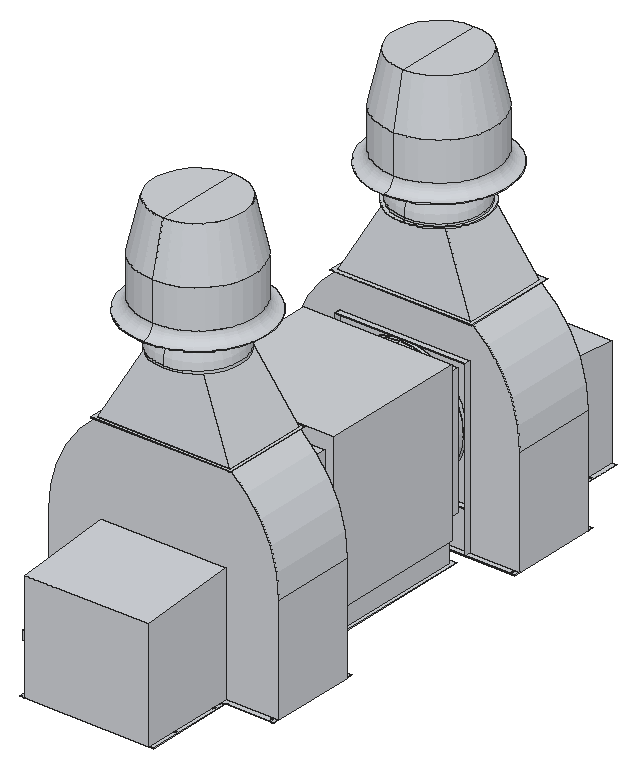
Revit family "CAVP_Opposed_with_Mixing_Box", category Mechanical Equipment, Revit 2019 (continued)
Types (228): name | TRANSITION/2 | TRANSITION | RO/2 | R-((B/2)+1.5") | R+((B/2)+1.5") | R*1.1 | R | OPP | MB_P-4.5" | MB_P+.25" | P | NOZZLE_WB_RAD-2" | NOZZLE_WB_RAD | NOZZLE_WB_OD | NOZZLE_WB/4 | NOZZLE_TOP_RAD | NOZZLE_TOP_OD | NOZZLE_SIZE | NOZZLE_HEIGHT/7*2 | NOZZLE_HEIGHT | NOZZLE_BOTTOM_RAD-3*2 | NOZZLE_BOTTOM_RAD | NOZZLE_BOTTOM_ID | MB_N-(D-J-K-L) | N+(H/2) | N | MB_Q | MB_P | MB_N | MB_HEIGHT/2 | MB_HEIGHT | MB_F | MB_A-D-MB_N-(D-J-K-L) | MB_A | M-(2*(D-L-K-J)) | M | L | K | J+K+L | J | HEIGHT | H/2 | H | F/2 | MB_F-3" | F | E/52*15 | E/2 | E | D-M | D-L-K-J | D | CURB_HEIGHT | CLASS | C/2 | C | B/4 | B/2 | B | A/2 | A | Type Comments | -MB_P-.25" | -(F-((F-H)/2))/2 | -((MB_Q / 2) + 1/8") | (NOZZLE_WB_OD - NOZZLE_TOP_OD) / 4 | (NOZZLE_HEIGHT - (NOZZLE_HEIGHT / 8 * 2)) / 2 | (MB_Q/2)+.125" | (MB_P/2)+.125" | (M - (2 * (D - L - K - J)))/2 | (F-((F-H)/2))/2 | (D-J-K-L)*2 | (B/2)-.125" | (B/2)+1.5" | ((M - (2 * (D - L - K - J))) / 2) + (TRANSITION / 2)
  165_CAVP-12L_CLASS_1_Dual_Opposed_Mixing_Box | 6.0325" | 12.06501" | 13 3/4" | 12 5/32" | 36 11/32" | 26.675" | 24 1/4" | 133 1/2" | 27 1/2" | 32 1/4" | 60" | 12" | 14" | 28" | 5.6" | 9 3/4" | 19 1/2" | 12" | 8" | 32" | 2 17/32" | 8 17/32" | 17 1/16" | 13 5/32" | 72 1/16" | 60" | 32" | 32" | 14 3/16" | 18 1/2" | 37" | 8 7/8" | 46 5/32" | 99" | 12 13/16" | 14 7/8" | 16 27/32" | 12 1/4" | 36 19/32" | 7 1/2" | 39.9712" | 12 1/16" | 24 1/8" | 13 1/16" | 5 7/8" | 26 1/8" | 10.38462" | 18" | 36" | 22 3/4" | 1 1/32" | 37 5/8" | 12" | 1" | 25 13/32" | 50 13/16" | 5 19/64" | 10 19/32" | 21 3/16" | 41 1/32" | 82 1/16" | "Dual Vari-Plume Laboratory Exhaust Centrifugal Airfoil Class 1 Arr 10 With Opposed Mixing Box" | -32 1/4" | -11 1/16" | -16 1/8" | 2 1/8" | 12" | 16 1/8" | 16 1/8" | 6 13/32" | 11 1/16" | 2 1/16" | 10 15/32" | 12 3/32" | 12.43875"
  165_CAVP-12H_CLASS_1_Dual_Opposed_Mixing_Box | 6.0325" | 12.06501" | 13 3/4" | 12 5/32" | 36 11/32" | 26.675" | 24 1/4" | 133 1/2" | 27 1/2" | 32 1/4" | 60" | 12" | 14" | 28" | 5.6" | 9 3/4" | 19 1/2" | 12" | 8" | 32" | 2 17/32" | 8 17/32" | 17 1/16" | 13 5/32" | 72 1/16" | 60" | 32" | 32" | 14 3/16" | 18 1/2" | 37" | 8 7/8" | 46 5/32" | 99" | 12 13/16" | 14 7/8" | 16 27/32" | 12 1/4" | 36 19/32" | 7 1/2" | 39.9712" | 12 1/16" | 24 1/8" | 13 1/16" | 5 7/8" | 26 1/8" | 10.38462" | 18" | 36" | 22 3/4" | 1 1/32" | 37 5/8" | 12" | 1" | 25 13/32" | 50 13/16" | 5 19/64" | 10 19/32" | 21 3/16" | 41 1/32" | 82 1/16" | "Dual Vari-Plume Laboratory Exhaust Centrifugal Airfoil Class 1 Arr 10 With Opposed Mixing Box" | -32 1/4" | -11 1/16" | -16 1/8" | 2 1/8" | 12" | 16 1/8" | 16 1/8" | 6 13/32" | 11 1/16" | 2 1/16" | 10 15/32" | 12 3/32" | 12.43875"
  165_CAVP-9L_CLASS_2_Dual_Opposed_Mixing_Box | 4.5299" | 9.05981" | 13 3/4" | 12 5/32" | 36 11/32" | 26.675" | 24 1/4" | 147 1/4" | 27 1/2" | 32 1/4" | 60" | 9 1/2" | 11 1/2" | 23" | 4.6" | 6 3/4" | 13 1/2" | 9" | 7" | 28" | 13/32" | 6 13/32" | 12 13/16" | 13 5/32" | 72 1/16" | 60" | 32" | 32" | 14 3/16" | 18 1/2" | 37" | 8 7/8" | 46 5/32" | 105 7/8" | 12 13/16" | 14 7/8" | 16 27/32" | 19 3/8" | 43 15/32" | 7 1/4" | 39.9712" | 12 1/16" | 24 1/8" | 13 1/16" | 5 7/8" | 26 1/8" | 10.38462" | 18" | 36" | 29 5/8" | 1 1/32" | 44 1/2" | 12" | 2" | 25 13/32" | 50 13/16" | 5 19/64" | 10 19/32" | 21 3/16" | 41 1/32" | 82 1/16" | "Dual Vari-Plume Laboratory Exhaust Centrifugal Airfoil Class 2 Arr 10 With Opposed Mixing Box" | -32 1/4" | -11 1/16" | -16 1/8" | 2 3/8" | 10 1/2" | 16 1/8" | 16 1/8" | 6 13/32" | 11 1/16" | 2 1/16" | 10 15/32" | 12 3/32" | 10.93615"
  165_CAVP-9H_CLASS_2_Dual_Opposed_Mixing_Box | 4.5299" | 9.05981" | 13 3/4" | 12 5/32" | 36 11/32" | 26.675" | 24 1/4" | 147 1/4" | 27 1/2" | 32 1/4" | 60" | 9 1/2" | 11 1/2" | 23" | 4.6" | 6 3/4" | 13 1/2" | 9" | 7" | 28" | 13/32" | 6 13/32" | 12 13/16" | 13 5/32" | 72 1/16" | 60" | 32" | 32" | 14 3/16" | 18 1/2" | 37" | 8 7/8" | 46 5/32" | 105 7/8" | 12 13/16" | 14 7/8" | 16 27/32" | 19 3/8" | 43 15/32" | 7 1/4" | 39.9712" | 12 1/16" | 24 1/8" | 13 1/16" | 5 7/8" | 26 1/8" | 10.38462" | 18" | 36" | 29 5/8" | 1 1/32" | 44 1/2" | 12" | 2" | 25 13/32" | 50 13/16" | 5 19/64" | 10 19/32" | 21 3/16" | 41 1/32" | 82 1/16" | "Dual Vari-Plume Laboratory Exhaust Centrifugal Airfoil Class 2 Arr 10 With Opposed Mixing Box" | -32 1/4" | -11 1/16" | -16 1/8" | 2 3/8" | 10 1/2" | 16 1/8" | 16 1/8" | 6 13/32" | 11 1/16" | 2 1/16" | 10 15/32" | 12 3/32" | 10.93615"
  165_CAVP-12L_CLASS_2_Dual_Opposed_Mixing_Box | 6.0325" | 12.06501" | 13 3/4" | 12 5/32" | 36 11/32" | 26.675" | 24 1/4" | 147 1/4" | 27 1/2" | 32 1/4" | 60" | 12" | 14" | 28" | 5.6" | 9 3/4" | 19 1/2" | 12" | 8" | 32" | 2 17/32" | 8 17/32" | 17 1/16" | 13 5/32" | 72 1/16" | 60" | 32" | 32" | 14 3/16" | 18 1/2" | 37" | 8 7/8" | 46 5/32" | 105 7/8" | 12 13/16" | 14 7/8" | 16 27/32" | 19 3/8" | 43 15/32" | 7 1/4" | 39.9712" | 12 1/16" | 24 1/8" | 13 1/16" | 5 7/8" | 26 1/8" | 10.38462" | 18" | 36" | 29 5/8" | 1 1/32" | 44 1/2" | 12" | 2" | 25 13/32" | 50 13/16" | 5 19/64" | 10 19/32" | 21 3/16" | 41 1/32" | 82 1/16" | "Dual Vari-Plume Laboratory Exhaust Centrifugal Airfoil Class 2 Arr 10 With Opposed Mixing Box" | -32 1/4" | -11 1/16" | -16 1/8" | 2 1/8" | 12" | 16 1/8" | 16 1/8" | 6 13/32" | 11 1/16" | 2 1/16" | 10 15/32" | 12 3/32" | 12.43875"
  165_CAVP-12H_CLASS_2_Dual_Opposed_Mixing_Box | 6.0325" | 12.06501" | 13 3/4" | 12 5/32" | 36 11/32" | 26.675" | 24 1/4" | 147 1/4" | 27 1/2" | 32 1/4" | 60" | 12" | 14" | 28" | 5.6" | 9 3/4" | 19 1/2" | 12" | 8" | 32" | 2 17/32" | 8 17/32" | 17 1/16" | 13 5/32" | 72 1/16" | 60" | 32" | 32" | 14 3/16" | 18 1/2" | 37" | 8 7/8" | 46 5/32" | 105 7/8" | 12 13/16" | 14 7/8" | 16 27/32" | 19 3/8" | 43 15/32" | 7 1/4" | 39.9712" | 12 1/16" | 24 1/8" | 13 1/16" | 5 7/8" | 26 1/8" | 10.38462" | 18" | 36" | 29 5/8" | 1 1/32" | 44 1/2" | 12" | 2" | 25 13/32" | 50 13/16" | 5 19/64" | 10 19/32" | 21 3/16" | 41 1/32" | 82 1/16" | "Dual Vari-Plume Laboratory Exhaust Centrifugal Airfoil Class 2 Arr 10 With Opposed Mixing Box" | -32 1/4" | -11 1/16" | -16 1/8" | 2 1/8" | 12" | 16 1/8" | 16 1/8" | 6 13/32" | 11 1/16" | 2 1/16" | 10 15/32" | 12 3/32" | 12.43875"
  180_CAVP-9H_CLASS_1_Dual_Opposed_Mixing_Box | 4.5299" | 9.05981" | 14 3/4" | 11 13/32" | 37 3/32" | 26.675" | 24 1/4" | 144 1/2" | 29 1/2" | 34 1/4" | 60" | 9 1/2" | 11 1/2" | 23" | 4.6" | 6 3/4" | 13 1/2" | 9" | 7" | 28" | 13/32" | 6 13/32" | 12 13/16" | 13 5/32" | 72 1/16" | 60" | 34" | 34" | 14 3/16" | 19 1/4" | 38 1/2" | 8 1/8" | 49 9/32" | 106 5/8" | 13 15/16" | 16" | 17 31/32" | 15 1/8" | 41 3/32" | 8" | 41 79/256" | 12 1/16" | 24 1/8" | 13 1/16" | 5 1/8" | 26 1/8" | 11.26803" | 19 17/32" | 39 1/16" | 26 1/8" | 1 1/32" | 42 1/8" | 12" | 1" | 26 13/32" | 52 13/16" | 5 43/64" | 11 11/32" | 22 11/16" | 42 1/32" | 84 1/16" | "Dual Vari-Plume Laboratory Exhaust Centrifugal Airfoil Class 1 Arr 10 With Opposed Mixing Box" | -34 1/4" | -11 1/16" | -17 1/8" | 2 3/8" | 10 1/2" | 17 1/8" | 17 1/8" | 6 31/32" | 11 1/16" | 2 1/16" | 11 7/32" | 12 27/32" | 11.49865"
  180_CAVP-9L_CLASS_1_Dual_Opposed_Mixing_Box | 4.5299" | 9.05981" | 14 3/4" | 11 13/32" | 37 3/32" | 26.675" | 24 1/4" | 144 1/2" | 29 1/2" | 34 1/4" | 60" | 9 1/2" | 11 1/2" | 23" | 4.6" | 6 3/4" | 13 1/2" | 9" | 7" | 28" | 13/32" | 6 13/32" | 12 13/16" | 13 5/32" | 72 1/16" | 60" | 34" | 34" | 14 3/16" | 19 1/4" | 38 1/2" | 8 1/8" | 49 9/32" | 106 5/8" | 13 15/16" | 16" | 17 31/32" | 15 1/8" | 41 3/32" | 8" | 41 79/256" | 12 1/16" | 24 1/8" | 13 1/16" | 5 1/8" | 26 1/8" | 11.26803" | 19 17/32" | 39 1/16" | 26 1/8" | 1 1/32" | 42 1/8" | 12" | 1" | 26 13/32" | 52 13/16" | 5 43/64" | 11 11/32" | 22 11/16" | 42 1/32" | 84 1/16" | "Dual Vari-Plume Laboratory Exhaust Centrifugal Airfoil Class 1 Arr 10 With Opposed Mixing Box" | -34 1/4" | -11 1/16" | -17 1/8" | 2 3/8" | 10 1/2" | 17 1/8" | 17 1/8" | 6 31/32" | 11 1/16" | 2 1/16" | 11 7/32" | 12 27/32" | 11.49865"
  180_CAVP-12H_CLASS_1_Dual_Opposed_Mixing_Box | 6.0325" | 12.06501" | 14 3/4" | 11 13/32" | 37 3/32" | 26.675" | 24 1/4" | 144 1/2" | 29 1/2" | 34 1/4" | 60" | 12" | 14" | 28" | 5.6" | 9 3/4" | 19 1/2" | 12" | 8" | 32" | 2 17/32" | 8 17/32" | 17 1/16" | 13 5/32" | 72 1/16" | 60" | 34" | 34" | 14 3/16" | 19 1/4" | 38 1/2" | 8 1/8" | 49 9/32" | 106 5/8" | 13 15/16" | 16" | 17 31/32" | 15 1/8" | 41 3/32" | 8" | 41 79/256" | 12 1/16" | 24 1/8" | 13 1/16" | 5 1/8" | 26 1/8" | 11.26803" | 19 17/32" | 39 1/16" | 26 1/8" | 1 1/32" | 42 1/8" | 12" | 1" | 26 13/32" | 52 13/16" | 5 43/64" | 11 11/32" | 22 11/16" | 42 1/32" | 84 1/16" | "Dual Vari-Plume Laboratory Exhaust Centrifugal Airfoil Class 1 Arr 10 With Opposed Mixing Box" | -34 1/4" | -11 1/16" | -17 1/8" | 2 1/8" | 12" | 17 1/8" | 17 1/8" | 6 31/32" | 11 1/16" | 2 1/16" | 11 7/32" | 12 27/32" | 13.00125"
  180_CAVP-12L_CLASS_1_Dual_Opposed_Mixing_Box | 6.0325" | 12.06501" | 14 3/4" | 11 13/32" | 37 3/32" | 26.675" | 24 1/4" | 144 1/2" | 29 1/2" | 34 1/4" | 60" | 12" | 14" | 28" | 5.6" | 9 3/4" | 19 1/2" | 12" | 8" | 32" | 2 17/32" | 8 17/32" | 17 1/16" | 13 5/32" | 72 1/16" | 60" | 34" | 34" | 14 3/16" | 19 1/4" | 38 1/2" | 8 1/8" | 49 9/32" | 106 5/8" | 13 15/16" | 16" | 17 31/32" | 15 1/8" | 41 3/32" | 8" | 41 79/256" | 12 1/16" | 24 1/8" | 13 1/16" | 5 1/8" | 26 1/8" | 11.26803" | 19 17/32" | 39 1/16" | 26 1/8" | 1 1/32" | 42 1/8" | 12" | 1" | 26 13/32" | 52 13/16" | 5 43/64" | 11 11/32" | 22 11/16" | 42 1/32" | 84 1/16" | "Dual Vari-Plume Laboratory Exhaust Centrifugal Airfoil Class 1 Arr 10 With Opposed Mixing Box" | -34 1/4" | -11 1/16" | -17 1/8" | 2 1/8" | 12" | 17 1/8" | 17 1/8" | 6 31/32" | 11 1/16" | 2 1/16" | 11 7/32" | 12 27/32" | 13.00125"
  180_CAVP-9H_CLASS_2_Dual_Opposed_Mixing_Box | 4.5299" | 9.05981" | 14 3/4" | 11 13/32" | 37 3/32" | 26.675" | 24 1/4" | 152 1/2" | 29 1/2" | 34 1/4" | 60" | 9 1/2" | 11 1/2" | 23" | 4.6" | 6 3/4" | 13 1/2" | 9" | 7" | 28" | 13/32" | 6 13/32" | 12 13/16" | 13 5/32" | 72 1/16" | 60" | 34" | 34" | 14 3/16" | 19 1/4" | 38 1/2" | 8 1/8" | 49 9/32" | 110 5/8" | 13 15/16" | 16" | 17 31/32" | 19 3/8" | 45 3/32" | 7 3/4" | 41 79/256" | 12 1/16" | 24 1/8" | 13 1/16" | 5 1/8" | 26 1/8" | 11.26803" | 19 17/32" | 39 1/16" | 30 1/8" | 1 1/32" | 46 1/8" | 12" | 2" | 26 13/32" | 52 13/16" | 5 43/64" | 11 11/32" | 22 11/16" | 42 1/32" | 84 1/16" | "Dual Vari-Plume Laboratory Exhaust Centrifugal Airfoil Class 2 Arr 10 With Opposed Mixing Box" | -34 1/4" | -11 1/16" | -17 1/8" | 2 3/8" | 10 1/2" | 17 1/8" | 17 1/8" | 6 31/32" | 11 1/16" | 2 1/16" | 11 7/32" | 12 27/32" | 11.49865"
  180_CAVP-9L_CLASS_2_Dual_Opposed_Mixing_Box | 4.5299" | 9.05981" | 14 3/4" | 11 13/32" | 37 3/32" | 26.675" | 24 1/4" | 152 1/2" | 29 1/2" | 34 1/4" | 60" | 9 1/2" | 11 1/2" | 23" | 4.6" | 6 3/4" | 13 1/2" | 9" | 7" | 28" | 13/32" | 6 13/32" | 12 13/16" | 13 5/32" | 72 1/16" | 60" | 34" | 34" | 14 3/16" | 19 1/4" | 38 1/2" | 8 1/8" | 49 9/32" | 110 5/8" | 13 15/16" | 16" | 17 31/32" | 19 3/8" | 45 3/32" | 7 3/4" | 41 79/256" | 12 1/16" | 24 1/8" | 13 1/16" | 5 1/8" | 26 1/8" | 11.26803" | 19 17/32" | 39 1/16" | 30 1/8" | 1 1/32" | 46 1/8" | 12" | 2" | 26 13/32" | 52 13/16" | 5 43/64" | 11 11/32" | 22 11/16" | 42 1/32" | 84 1/16" | "Dual Vari-Plume Laboratory Exhaust Centrifugal Airfoil Class 2 Arr 10 With Opposed Mixing Box" | -34 1/4" | -11 1/16" | -17 1/8" | 2 3/8" | 10 1/2" | 17 1/8" | 17 1/8" | 6 31/32" | 11 1/16" | 2 1/16" | 11 7/32" | 12 27/32" | 11.49865"
  180_CAVP-12H_CLASS_2_Dual_Opposed_Mixing_Box | 6.0325" | 12.06501" | 14 3/4" | 11 13/32" | 37 3/32" | 26.675" | 24 1/4" | 152 1/2" | 29 1/2" | 34 1/4" | 60" | 12" | 14" | 28" | 5.6" | 9 3/4" | 19 1/2" | 12" | 8" | 32" | 2 17/32" | 8 17/32" | 17 1/16" | 13 5/32" | 72 1/16" | 60" | 34" | 34" | 14 3/16" | 19 1/4" | 38 1/2" | 8 1/8" | 49 9/32" | 110 5/8" | 13 15/16" | 16" | 17 31/32" | 19 3/8" | 45 3/32" | 7 3/4" | 41 79/256" | 12 1/16" | 24 1/8" | 13 1/16" | 5 1/8" | 26 1/8" | 11.26803" | 19 17/32" | 39 1/16" | 30 1/8" | 1 1/32" | 46 1/8" | 12" | 2" | 26 13/32" | 52 13/16" | 5 43/64" | 11 11/32" | 22 11/16" | 42 1/32" | 84 1/16" | "Dual Vari-Plume Laboratory Exhaust Centrifugal Airfoil Class 2 Arr 10 With Opposed Mixing Box" | -34 1/4" | -11 1/16" | -17 1/8" | 2 1/8" | 12" | 17 1/8" | 17 1/8" | 6 31/32" | 11 1/16" | 2 1/16" | 11 7/32" | 12 27/32" | 13.00125"
  180_CAVP-12L_CLASS_2_Dual_Opposed_Mixing_Box | 6.0325" | 12.06501" | 14 3/4" | 11 13/32" | 37 3/32" | 26.675" | 24 1/4" | 152 1/2" | 29 1/2" | 34 1/4" | 60" | 12" | 14" | 28" | 5.6" | 9 3/4" | 19 1/2" | 12" | 8" | 32" | 2 17/32" | 8 17/32" | 17 1/16" | 13 5/32" | 72 1/16" | 60" | 34" | 34" | 14 3/16" | 19 1/4" | 38 1/2" | 8 1/8" | 49 9/32" | 110 5/8" | 13 15/16" | 16" | 17 31/32" | 19 3/8" | 45 3/32" | 7 3/4" | 41 79/256" | 12 1/16" | 24 1/8" | 13 1/16" | 5 1/8" | 26 1/8" | 11.26803" | 19 17/32" | 39 1/16" | 30 1/8" | 1 1/32" | 46 1/8" | 12" | 2" | 26 13/32" | 52 13/16" | 5 43/64" | 11 11/32" | 22 11/16" | 42 1/32" | 84 1/16" | "Dual Vari-Plume Laboratory Exhaust Centrifugal Airfoil Class 2 Arr 10 With Opposed Mixing Box" | -34 1/4" | -11 1/16" | -17 1/8" | 2 1/8" | 12" | 17 1/8" | 17 1/8" | 6 31/32" | 11 1/16" | 2 1/16" | 11 7/32" | 12 27/32" | 13.00125"
  195_CAVP-9L_CLASS_1_Dual_Opposed_Mixing_Box | 4.5299" | 9.05981" | 15 1/4" | 10 21/32" | 37 27/32" | 26.675" | 24 1/4" | 147 7/8" | 30 1/2" | 35 1/4" | 60" | 9 1/2" | 11 1/2" | 23" | 4.6" | 6 3/4" | 13 1/2" | 9" | 7" | 28" | 13/32" | 6 13/32" | 12 13/16" | 13 3/16" | 19 3/32" | 6 11/32" | 35" | 35" | 14 3/16" | 20" | 40" | 7 3/8" | 51 1/2" | 110" | 15 3/16" | 17 3/16" | 19 3/16" | 15 1/8" | 42 5/16" | 8" | 42.67328" | 12 3/4" | 25 1/2" | 13 3/4" | 4 3/8" | 27 1/2" | 12.16947" | 21 3/32" | 42 3/16" | 26 1/8" | 1" | 43 5/16" | 12" | 1" | 27 1/8" | 54 1/4" | 6 3/64" | 12 3/32" | 24 3/16" | 48 3/8" | 96 3/4" | "Dual Vari-Plume Laboratory Exhaust Centrifugal Airfoil Class 1 Arr 10 With Opposed Mixing Box" | -35 1/4" | -11 3/4" | -17 5/8" | 2 3/8" | 10 1/2" | 17 5/8" | 17 5/8" | 7 19/32" | 11 3/4" | 2" | 11 31/32" | 13 19/32" | 12.12365"
  195_CAVP-9H_CLASS_1_Dual_Opposed_Mixing_Box | 4.5299" | 9.05981" | 15 1/4" | 10 21/32" | 37 27/32" | 26.675" | 24 1/4" | 147 7/8" | 30 1/2" | 35 1/4" | 60" | 9 1/2" | 11 1/2" | 23" | 4.6" | 6 3/4" | 13 1/2" | 9" | 7" | 28" | 13/32" | 6 13/32" | 12 13/16" | 13 3/16" | 19 3/32" | 6 11/32" | 35" | 35" | 14 3/16" | 20" | 40" | 7 3/8" | 51 1/2" | 110" | 15 3/16" | 17 3/16" | 19 3/16" | 15 1/8" | 42 5/16" | 8" | 42.67328" | 12 3/4" | 25 1/2" | 13 3/4" | 4 3/8" | 27 1/2" | 12.16947" | 21 3/32" | 42 3/16" | 26 1/8" | 1" | 43 5/16" | 12" | 1" | 27 1/8" | 54 1/4" | 6 3/64" | 12 3/32" | 24 3/16" | 48 3/8" | 96 3/4" | "Dual Vari-Plume Laboratory Exhaust Centrifugal Airfoil Class 1 Arr 10 With Opposed Mixing Box" | -35 1/4" | -11 3/4" | -17 5/8" | 2 3/8" | 10 1/2" | 17 5/8" | 17 5/8" | 7 19/32" | 11 3/4" | 2" | 11 31/32" | 13 19/32" | 12.12365"
  195_CAVP-12L_CLASS_1_Dual_Opposed_Mixing_Box | 6.0325" | 12.06501" | 15 1/4" | 10 21/32" | 37 27/32" | 26.675" | 24 1/4" | 147 7/8" | 30 1/2" | 35 1/4" | 60" | 12" | 14" | 28" | 5.6" | 9 3/4" | 19 1/2" | 12" | 8" | 32" | 2 17/32" | 8 17/32" | 17 1/16" | 13 3/16" | 19 3/32" | 6 11/32" | 35" | 35" | 14 3/16" | 20" | 40" | 7 3/8" | 51 1/2" | 110" | 15 3/16" | 17 3/16" | 19 3/16" | 15 1/8" | 42 5/16" | 8" | 42.67328" | 12 3/4" | 25 1/2" | 13 3/4" | 4 3/8" | 27 1/2" | 12.16947" | 21 3/32" | 42 3/16" | 26 1/8" | 1" | 43 5/16" | 12" | 1" | 27 1/8" | 54 1/4" | 6 3/64" | 12 3/32" | 24 3/16" | 48 3/8" | 96 3/4" | "Dual Vari-Plume Laboratory Exhaust Centrifugal Airfoil Class 1 Arr 10 With Opposed Mixing Box" | -35 1/4" | -11 3/4" | -17 5/8" | 2 1/8" | 12" | 17 5/8" | 17 5/8" | 7 19/32" | 11 3/4" | 2" | 11 31/32" | 13 19/32" | 13.62625"
  195_CAVP-12H_CLASS_1_Dual_Opposed_Mixing_Box | 6.0325" | 12.06501" | 15 1/4" | 10 21/32" | 37 27/32" | 26.675" | 24 1/4" | 147 7/8" | 30 1/2" | 35 1/4" | 60" | 12" | 14" | 28" | 5.6" | 9 3/4" | 19 1/2" | 12" | 8" | 32" | 2 17/32" | 8 17/32" | 17 1/16" | 13 3/16" | 19 3/32" | 6 11/32" | 35" | 35" | 14 3/16" | 20" | 40" | 7 3/8" | 51 1/2" | 110" | 15 3/16" | 17 3/16" | 19 3/16" | 15 1/8" | 42 5/16" | 8" | 42.67328" | 12 3/4" | 25 1/2" | 13 3/4" | 4 3/8" | 27 1/2" | 12.16947" | 21 3/32" | 42 3/16" | 26 1/8" | 1" | 43 5/16" | 12" | 1" | 27 1/8" | 54 1/4" | 6 3/64" | 12 3/32" | 24 3/16" | 48 3/8" | 96 3/4" | "Dual Vari-Plume Laboratory Exhaust Centrifugal Airfoil Class 1 Arr 10 With Opposed Mixing Box" | -35 1/4" | -11 3/4" | -17 5/8" | 2 1/8" | 12" | 17 5/8" | 17 5/8" | 7 19/32" | 11 3/4" | 2" | 11 31/32" | 13 19/32" | 13.62625"
  195_CAVP-15L_CLASS_1_Dual_Opposed_Mixing_Box | 7.5572" | 15.11441" | 15 1/4" | 10 21/32" | 37 27/32" | 26.675" | 24 1/4" | 147 7/8" | 30 1/2" | 35 1/4" | 60" | 16" | 18" | 36" | 7.2" | 11 1/2" | 23" | 15" | 10 3/4" | 43" | 4 11/16" | 10 11/16" | 21 3/8" | 13 3/16" | 19 3/32" | 6 11/32" | 35" | 35" | 14 3/16" | 20" | 40" | 7 3/8" | 51 1/2" | 110" | 15 3/16" | 17 3/16" | 19 3/16" | 15 1/8" | 42 5/16" | 8" | 42.67328" | 12 3/4" | 25 1/2" | 13 3/4" | 4 3/8" | 27 1/2" | 12.16947" | 21 3/32" | 42 3/16" | 26 1/8" | 1" | 43 5/16" | 12" | 1" | 27 1/8" | 54 1/4" | 6 3/64" | 12 3/32" | 24 3/16" | 48 3/8" | 96 3/4" | "Dual Vari-Plume Laboratory Exhaust Centrifugal Airfoil Class 1 Arr 10 With Opposed Mixing Box" | -35 1/4" | -11 3/4" | -17 5/8" | 3 1/4" | 16 1/8" | 17 5/8" | 17 5/8" | 7 19/32" | 11 3/4" | 2" | 11 31/32" | 13 19/32" | 15.15095"
  195_CAVP-15H_CLASS_1_Dual_Opposed_Mixing_Box | 7.5572" | 15.11441" | 15 1/4" | 10 21/32" | 37 27/32" | 26.675" | 24 1/4" | 147 7/8" | 30 1/2" | 35 1/4" | 60" | 16" | 18" | 36" | 7.2" | 11 1/2" | 23" | 15" | 10 3/4" | 43" | 4 11/16" | 10 11/16" | 21 3/8" | 13 3/16" | 19 3/32" | 6 11/32" | 35" | 35" | 14 3/16" | 20" | 40" | 7 3/8" | 51 1/2" | 110" | 15 3/16" | 17 3/16" | 19 3/16" | 15 1/8" | 42 5/16" | 8" | 42.67328" | 12 3/4" | 25 1/2" | 13 3/4" | 4 3/8" | 27 1/2" | 12.16947" | 21 3/32" | 42 3/16" | 26 1/8" | 1" | 43 5/16" | 12" | 1" | 27 1/8" | 54 1/4" | 6 3/64" | 12 3/32" | 24 3/16" | 48 3/8" | 96 3/4" | "Dual Vari-Plume Laboratory Exhaust Centrifugal Airfoil Class 1 Arr 10 With Opposed Mixing Box" | -35 1/4" | -11 3/4" | -17 5/8" | 3 1/4" | 16 1/8" | 17 5/8" | 17 5/8" | 7 19/32" | 11 3/4" | 2" | 11 31/32" | 13 19/32" | 15.15095"
  195_CAVP-9L_CLASS_2_Dual_Opposed_Mixing_Box | 4.5299" | 9.05981" | 15 1/4" | 10 21/32" | 37 27/32" | 26.675" | 24 1/4" | 155 7/8" | 30 1/2" | 35 1/4" | 60" | 9 1/2" | 11 1/2" | 23" | 4.6" | 6 3/4" | 13 1/2" | 9" | 7" | 28" | 13/32" | 6 13/32" | 12 13/16" | 13 3/16" | 19 1/4" | 6 1/2" | 35" | 35" | 14 3/16" | 20" | 40" | 7 3/8" | 51 1/2" | 114" | 15 3/16" | 17 3/16" | 19 3/16" | 19 3/8" | 46 5/16" | 7 3/4" | 42.67328" | 12 3/4" | 25 1/2" | 13 3/4" | 4 3/8" | 27 1/2" | 12.16947" | 21 3/32" | 42 3/16" | 30 1/8" | 1" | 47 5/16" | 12" | 2" | 27 1/8" | 54 1/4" | 6 3/64" | 12 3/32" | 24 3/16" | 48 3/8" | 96 3/4" | "Dual Vari-Plume Laboratory Exhaust Centrifugal Airfoil Class 2 Arr 10 With Opposed Mixing Box" | -35 1/4" | -11 3/4" | -17 5/8" | 2 3/8" | 10 1/2" | 17 5/8" | 17 5/8" | 7 19/32" | 11 3/4" | 2" | 11 31/32" | 13 19/32" | 12.12365"
  195_CAVP-9H_CLASS_2_Dual_Opposed_Mixing_Box | 4.5299" | 9.05981" | 15 1/4" | 10 21/32" | 37 27/32" | 26.675" | 24 1/4" | 155 7/8" | 30 1/2" | 35 1/4" | 60" | 9 1/2" | 11 1/2" | 23" | 4.6" | 6 3/4" | 13 1/2" | 9" | 7" | 28" | 13/32" | 6 13/32" | 12 13/16" | 13 3/16" | 19 1/4" | 6 1/2" | 35" | 35" | 14 3/16" | 20" | 40" | 7 3/8" | 51 1/2" | 114" | 15 3/16" | 17 3/16" | 19 3/16" | 19 3/8" | 46 5/16" | 7 3/4" | 42.67328" | 12 3/4" | 25 1/2" | 13 3/4" | 4 3/8" | 27 1/2" | 12.16947" | 21 3/32" | 42 3/16" | 30 1/8" | 1" | 47 5/16" | 12" | 2" | 27 1/8" | 54 1/4" | 6 3/64" | 12 3/32" | 24 3/16" | 48 3/8" | 96 3/4" | "Dual Vari-Plume Laboratory Exhaust Centrifugal Airfoil Class 2 Arr 10 With Opposed Mixing Box" | -35 1/4" | -11 3/4" | -17 5/8" | 2 3/8" | 10 1/2" | 17 5/8" | 17 5/8" | 7 19/32" | 11 3/4" | 2" | 11 31/32" | 13 19/32" | 12.12365"
  195_CAVP-12L_CLASS_2_Dual_Opposed_Mixing_Box | 6.0325" | 12.06501" | 15 1/4" | 10 21/32" | 37 27/32" | 26.675" | 24 1/4" | 155 7/8" | 30 1/2" | 35 1/4" | 60" | 12" | 14" | 28" | 5.6" | 9 3/4" | 19 1/2" | 12" | 8" | 32" | 2 17/32" | 8 17/32" | 17 1/16" | 13 3/16" | 19 1/4" | 6 1/2" | 35" | 35" | 14 3/16" | 20" | 40" | 7 3/8" | 51 1/2" | 114" | 15 3/16" | 17 3/16" | 19 3/16" | 19 3/8" | 46 5/16" | 7 3/4" | 42.67328" | 12 3/4" | 25 1/2" | 13 3/4" | 4 3/8" | 27 1/2" | 12.16947" | 21 3/32" | 42 3/16" | 30 1/8" | 1" | 47 5/16" | 12" | 2" | 27 1/8" | 54 1/4" | 6 3/64" | 12 3/32" | 24 3/16" | 48 3/8" | 96 3/4" | "Dual Vari-Plume Laboratory Exhaust Centrifugal Airfoil Class 2 Arr 10 With Opposed Mixing Box" | -35 1/4" | -11 3/4" | -17 5/8" | 2 1/8" | 12" | 17 5/8" | 17 5/8" | 7 19/32" | 11 3/4" | 2" | 11 31/32" | 13 19/32" | 13.62625"
  195_CAVP-12H_CLASS_2_Dual_Opposed_Mixing_Box | 6.0325" | 12.06501" | 15 1/4" | 10 21/32" | 37 27/32" | 26.675" | 24 1/4" | 155 7/8" | 30 1/2" | 35 1/4" | 60" | 12" | 14" | 28" | 5.6" | 9 3/4" | 19 1/2" | 12" | 8" | 32" | 2 17/32" | 8 17/32" | 17 1/16" | 13 3/16" | 19 1/4" | 6 1/2" | 35" | 35" | 14 3/16" | 20" | 40" | 7 3/8" | 51 1/2" | 114" | 15 3/16" | 17 3/16" | 19 3/16" | 19 3/8" | 46 5/16" | 7 3/4" | 42.67328" | 12 3/4" | 25 1/2" | 13 3/4" | 4 3/8" | 27 1/2" | 12.16947" | 21 3/32" | 42 3/16" | 30 1/8" | 1" | 47 5/16" | 12" | 2" | 27 1/8" | 54 1/4" | 6 3/64" | 12 3/32" | 24 3/16" | 48 3/8" | 96 3/4" | "Dual Vari-Plume Laboratory Exhaust Centrifugal Airfoil Class 2 Arr 10 With Opposed Mixing Box" | -35 1/4" | -11 3/4" | -17 5/8" | 2 1/8" | 12" | 17 5/8" | 17 5/8" | 7 19/32" | 11 3/4" | 2" | 11 31/32" | 13 19/32" | 13.62625"
  195_CAVP-15L_CLASS_2_Dual_Opposed_Mixing_Box | 7.5572" | 15.11441" | 15 1/4" | 10 21/32" | 37 27/32" | 26.675" | 24 1/4" | 155 7/8" | 30 1/2" | 35 1/4" | 60" | 16" | 18" | 36" | 7.2" | 11 1/2" | 23" | 15" | 10 3/4" | 43" | 4 11/16" | 10 11/16" | 21 3/8" | 13 3/16" | 19 1/4" | 6 1/2" | 35" | 35" | 14 3/16" | 20" | 40" | 7 3/8" | 51 1/2" | 114" | 15 3/16" | 17 3/16" | 19 3/16" | 19 3/8" | 46 5/16" | 7 3/4" | 42.67328" | 12 3/4" | 25 1/2" | 13 3/4" | 4 3/8" | 27 1/2" | 12.16947" | 21 3/32" | 42 3/16" | 30 1/8" | 1" | 47 5/16" | 12" | 2" | 27 1/8" | 54 1/4" | 6 3/64" | 12 3/32" | 24 3/16" | 48 3/8" | 96 3/4" | "Dual Vari-Plume Laboratory Exhaust Centrifugal Airfoil Class 2 Arr 10 With Opposed Mixing Box" | -35 1/4" | -11 3/4" | -17 5/8" | 3 1/4" | 16 1/8" | 17 5/8" | 17 5/8" | 7 19/32" | 11 3/4" | 2" | 11 31/32" | 13 19/32" | 15.15095"
  195_CAVP-15H_CLASS_2_Dual_Opposed_Mixing_Box | 7.5572" | 15.11441" | 15 1/4" | 10 21/32" | 37 27/32" | 26.675" | 24 1/4" | 155 7/8" | 30 1/2" | 35 1/4" | 60" | 16" | 18" | 36" | 7.2" | 11 1/2" | 23" | 15" | 10 3/4" | 43" | 4 11/16" | 10 11/16" | 21 3/8" | 13 3/16" | 19 1/4" | 6 1/2" | 35" | 35" | 14 3/16" | 20" | 40" | 7 3/8" | 51 1/2" | 114" | 15 3/16" | 17 3/16" | 19 3/16" | 19 3/8" | 46 5/16" | 7 3/4" | 42.67328" | 12 3/4" | 25 1/2" | 13 3/4" | 4 3/8" | 27 1/2" | 12.16947" | 21 3/32" | 42 3/16" | 30 1/8" | 1" | 47 5/16" | 12" | 2" | 27 1/8" | 54 1/4" | 6 3/64" | 12 3/32" | 24 3/16" | 48 3/8" | 96 3/4" | "Dual Vari-Plume Laboratory Exhaust Centrifugal Airfoil Class 2 Arr 10 With Opposed Mixing Box" | -35 1/4" | -11 3/4" | -17 5/8" | 3 1/4" | 16 1/8" | 17 5/8" | 17 5/8" | 7 19/32" | 11 3/4" | 2" | 11 31/32" | 13 19/32" | 15.15095"
  210_CAVP-12H_CLASS_1_Dual_Opposed_Mixing_Box | 6.0325" | 12.06501" | 16 1/4" | 9 25/32" | 38 23/32" | 26.675" | 24 1/4" | 153 1/8" | 32 1/2" | 37 1/4" | 60" | 12" | 14" | 28" | 5.6" | 9 3/4" | 19 1/2" | 12" | 8" | 32" | 2 17/32" | 8 17/32" | 17 1/16" | 13 3/16" | 20 5/8" | 7 9/16" | 37" | 37" | 14 3/16" | 20 7/8" | 41 3/4" | 6 1/2" | 54 3/8" | 114 1/2" | 16 5/16" | 18 5/16" | 20 5/16" | 15 1/8" | 43 15/16" | 8 1/2" | 44.01068" | 13 1/16" | 26 1/8" | 14 1/16" | 3 1/2" | 28 1/8" | 13.05288" | 22 5/8" | 45 1/4" | 26 5/8" | 1" | 44 15/16" | 12" | 1" | 28 3/8" | 56 3/4" | 6 31/64" | 12 31/32" | 25 15/16" | 49 5/8" | 99 1/4" | "Dual Vari-Plume Laboratory Exhaust Centrifugal Airfoil Class 1 Arr 10 With Opposed Mixing Box" | -37 1/4" | -12 1/16" | -18 5/8" | 2 1/8" | 12" | 18 5/8" | 18 5/8" | 8 5/32" | 12 1/16" | 2" | 12 27/32" | 14 15/32" | 14.18875"
  210_CAVP-12L_CLASS_1_Dual_Opposed_Mixing_Box | 6.0325" | 12.06501" | 16 1/4" | 9 25/32" | 38 23/32" | 26.675" | 24 1/4" | 153 1/8" | 32 1/2" | 37 1/4" | 60" | 12" | 14" | 28" | 5.6" | 9 3/4" | 19 1/2" | 12" | 8" | 32" | 2 17/32" | 8 17/32" | 17 1/16" | 13 3/16" | 20 5/8" | 7 9/16" | 37" | 37" | 14 3/16" | 20 7/8" | 41 3/4" | 6 1/2" | 54 3/8" | 114 1/2" | 16 5/16" | 18 5/16" | 20 5/16" | 15 1/8" | 43 15/16" | 8 1/2" | 44.01068" | 13 1/16" | 26 1/8" | 14 1/16" | 3 1/2" | 28 1/8" | 13.05288" | 22 5/8" | 45 1/4" | 26 5/8" | 1" | 44 15/16" | 12" | 1" | 28 3/8" | 56 3/4" | 6 31/64" | 12 31/32" | 25 15/16" | 49 5/8" | 99 1/4" | "Dual Vari-Plume Laboratory Exhaust Centrifugal Airfoil Class 1 Arr 10 With Opposed Mixing Box" | -37 1/4" | -12 1/16" | -18 5/8" | 2 1/8" | 12" | 18 5/8" | 18 5/8" | 8 5/32" | 12 1/16" | 2" | 12 27/32" | 14 15/32" | 14.18875"
  210_CAVP-15H_CLASS_1_Dual_Opposed_Mixing_Box | 7.5572" | 15.11441" | 16 1/4" | 9 25/32" | 38 23/32" | 26.675" | 24 1/4" | 153 1/8" | 32 1/2" | 37 1/4" | 60" | 16" | 18" | 36" | 7.2" | 11 1/2" | 23" | 15" | 10 3/4" | 43" | 4 11/16" | 10 11/16" | 21 3/8" | 13 3/16" | 20 5/8" | 7 9/16" | 37" | 37" | 14 3/16" | 20 7/8" | 41 3/4" | 6 1/2" | 54 3/8" | 114 1/2" | 16 5/16" | 18 5/16" | 20 5/16" | 15 1/8" | 43 15/16" | 8 1/2" | 44.01068" | 13 1/16" | 26 1/8" | 14 1/16" | 3 1/2" | 28 1/8" | 13.05288" | 22 5/8" | 45 1/4" | 26 5/8" | 1" | 44 15/16" | 12" | 1" | 28 3/8" | 56 3/4" | 6 31/64" | 12 31/32" | 25 15/16" | 49 5/8" | 99 1/4" | "Dual Vari-Plume Laboratory Exhaust Centrifugal Airfoil Class 1 Arr 10 With Opposed Mixing Box" | -37 1/4" | -12 1/16" | -18 5/8" | 3 1/4" | 16 1/8" | 18 5/8" | 18 5/8" | 8 5/32" | 12 1/16" | 2" | 12 27/32" | 14 15/32" | 15.71345"
  210_CAVP-15L_CLASS_1_Dual_Opposed_Mixing_Box | 7.5572" | 15.11441" | 16 1/4" | 9 25/32" | 38 23/32" | 26.675" | 24 1/4" | 153 1/8" | 32 1/2" | 37 1/4" | 60" | 16" | 18" | 36" | 7.2" | 11 1/2" | 23" | 15" | 10 3/4" | 43" | 4 11/16" | 10 11/16" | 21 3/8" | 13 3/16" | 20 5/8" | 7 9/16" | 37" | 37" | 14 3/16" | 20 7/8" | 41 3/4" | 6 1/2" | 54 3/8" | 114 1/2" | 16 5/16" | 18 5/16" | 20 5/16" | 15 1/8" | 43 15/16" | 8 1/2" | 44.01068" | 13 1/16" | 26 1/8" | 14 1/16" | 3 1/2" | 28 1/8" | 13.05288" | 22 5/8" | 45 1/4" | 26 5/8" | 1" | 44 15/16" | 12" | 1" | 28 3/8" | 56 3/4" | 6 31/64" | 12 31/32" | 25 15/16" | 49 5/8" | 99 1/4" | "Dual Vari-Plume Laboratory Exhaust Centrifugal Airfoil Class 1 Arr 10 With Opposed Mixing Box" | -37 1/4" | -12 1/16" | -18 5/8" | 3 1/4" | 16 1/8" | 18 5/8" | 18 5/8" | 8 5/32" | 12 1/16" | 2" | 12 27/32" | 14 15/32" | 15.71345"
  210_CAVP-15L_CLASS_2_Dual_Opposed_Mixing_Box | 7.5572" | 15.11441" | 16 1/4" | 9 25/32" | 38 23/32" | 26.675" | 24 1/4" | 153 1/8" | 32 1/2" | 37 1/4" | 60" | 16" | 18" | 36" | 7.2" | 11 1/2" | 23" | 15" | 10 3/4" | 43" | 4 11/16" | 10 11/16" | 21 3/8" | 13 3/16" | 20 5/8" | 7 9/16" | 37" | 37" | 14 3/16" | 20 7/8" | 41 3/4" | 6 1/2" | 58 3/8" | 118 1/2" | 16 5/16" | 18 5/16" | 20 5/16" | 15 1/8" | 43 15/16" | 8 1/2" | 44.01068" | 13 1/16" | 26 1/8" | 14 1/16" | 3 1/2" | 28 1/8" | 13.05288" | 22 5/8" | 45 1/4" | 26 5/8" | 1" | 44 15/16" | 12" | 2" | 28 3/8" | 56 3/4" | 6 31/64" | 12 31/32" | 25 15/16" | 49 5/8" | 99 1/4" | "Dual Vari-Plume Laboratory Exhaust Centrifugal Airfoil Class 2 Arr 10 With Opposed Mixing Box" | -37 1/4" | -12 1/16" | -18 5/8" | 3 1/4" | 16 1/8" | 18 5/8" | 18 5/8" | 8 5/32" | 12 1/16" | 2" | 12 27/32" | 14 15/32" | 15.71345"
  210_CAVP-15H_CLASS_2_Dual_Opposed_Mixing_Box | 7.5572" | 15.11441" | 16 1/4" | 9 25/32" | 38 23/32" | 26.675" | 24 1/4" | 153 1/8" | 32 1/2" | 37 1/4" | 60" | 16" | 18" | 36" | 7.2" | 11 1/2" | 23" | 15" | 10 3/4" | 43" | 4 11/16" | 10 11/16" | 21 3/8" | 13 3/16" | 20 5/8" | 7 9/16" | 37" | 37" | 14 3/16" | 20 7/8" | 41 3/4" | 6 1/2" | 58 3/8" | 118 1/2" | 16 5/16" | 18 5/16" | 20 5/16" | 15 1/8" | 43 15/16" | 8 1/2" | 44.01068" | 13 1/16" | 26 1/8" | 14 1/16" | 3 1/2" | 28 1/8" | 13.05288" | 22 5/8" | 45 1/4" | 26 5/8" | 1" | 44 15/16" | 12" | 2" | 28 3/8" | 56 3/4" | 6 31/64" | 12 31/32" | 25 15/16" | 49 5/8" | 99 1/4" | "Dual Vari-Plume Laboratory Exhaust Centrifugal Airfoil Class 2 Arr 10 With Opposed Mixing Box" | -37 1/4" | -12 1/16" | -18 5/8" | 3 1/4" | 16 1/8" | 18 5/8" | 18 5/8" | 8 5/32" | 12 1/16" | 2" | 12 27/32" | 14 15/32" | 15.71345"
  210_CAVP-12L_CLASS_2_Dual_Opposed_Mixing_Box | 6.0325" | 12.06501" | 16 1/4" | 9 25/32" | 38 23/32" | 26.675" | 24 1/4" | 153 1/8" | 32 1/2" | 37 1/4" | 60" | 12" | 14" | 28" | 5.6" | 9 3/4" | 19 1/2" | 12" | 8" | 32" | 2 17/32" | 8 17/32" | 17 1/16" | 13 3/16" | 20 5/8" | 7 9/16" | 37" | 37" | 14 3/16" | 20 7/8" | 41 3/4" | 6 1/2" | 58 3/8" | 118 1/2" | 16 5/16" | 18 5/16" | 20 5/16" | 15 1/8" | 43 15/16" | 8 1/2" | 44.01068" | 13 1/16" | 26 1/8" | 14 1/16" | 3 1/2" | 28 1/8" | 13.05288" | 22 5/8" | 45 1/4" | 26 5/8" | 1" | 44 15/16" | 12" | 2" | 28 3/8" | 56 3/4" | 6 31/64" | 12 31/32" | 25 15/16" | 49 5/8" | 99 1/4" | "Dual Vari-Plume Laboratory Exhaust Centrifugal Airfoil Class 2 Arr 10 With Opposed Mixing Box" | -37 1/4" | -12 1/16" | -18 5/8" | 2 1/8" | 12" | 18 5/8" | 18 5/8" | 8 5/32" | 12 1/16" | 2" | 12 27/32" | 14 15/32" | 14.18875"
  210_CAVP-12H_CLASS_2_Dual_Opposed_Mixing_Box | 6.0325" | 12.06501" | 16 1/4" | 9 25/32" | 38 23/32" | 26.675" | 24 1/4" | 153 1/8" | 32 1/2" | 37 1/4" | 60" | 12" | 14" | 28" | 5.6" | 9 3/4" | 19 1/2" | 12" | 8" | 32" | 2 17/32" | 8 17/32" | 17 1/16" | 13 3/16" | 20 5/8" | 7 9/16" | 37" | 37" | 14 3/16" | 20 7/8" | 41 3/4" | 6 1/2" | 58 3/8" | 118 1/2" | 16 5/16" | 18 5/16" | 20 5/16" | 15 1/8" | 43 15/16" | 8 1/2" | 44.01068" | 13 1/16" | 26 1/8" | 14 1/16" | 3 1/2" | 28 1/8" | 13.05288" | 22 5/8" | 45 1/4" | 26 5/8" | 1" | 44 15/16" | 12" | 2" | 28 3/8" | 56 3/4" | 6 31/64" | 12 31/32" | 25 15/16" | 49 5/8" | 99 1/4" | "Dual Vari-Plume Laboratory Exhaust Centrifugal Airfoil Class 2 Arr 10 With Opposed Mixing Box" | -37 1/4" | -12 1/16" | -18 5/8" | 2 1/8" | 12" | 18 5/8" | 18 5/8" | 8 5/32" | 12 1/16" | 2" | 12 27/32" | 14 15/32" | 14.18875"
  225_CAVP-12H_CLASS_1_Dual_Opposed_Mixing_Box | 6.0325" | 12.06501" | 16 3/4" | 9 1/32" | 39 15/32" | 26.675" | 24 1/4" | 156 3/8" | 33 1/2" | 38 1/4" | 60" | 12" | 14" | 28" | 5.6" | 9 3/4" | 19 1/2" | 12" | 8" | 32" | 2 17/32" | 8 17/32" | 17 1/16" | 13 3/16" | 22 5/32" | 8 11/32" | 38" | 38" | 14 3/16" | 21 5/8" | 43 1/4" | 5 3/4" | 56 3/8" | 117 5/8" | 17 7/16" | 19 7/16" | 21 7/16" | 15 1/8" | 45 1/16" | 8 1/2" | 45.34807" | 13 13/16" | 27 5/8" | 14 13/16" | 2 3/4" | 29 5/8" | 13.9363" | 24 5/32" | 48 5/16" | 26 5/8" | 1" | 46 1/16" | 12" | 1" | 29 19/32" | 59 3/16" | 6 55/64" | 13 23/32" | 27 7/16" | 53 11/32" | 106 11/16" | "Dual Vari-Plume Laboratory Exhaust Centrifugal Airfoil Class 1 Arr 10 With Opposed Mixing Box" | -38 1/4" | -12 13/16" | -19 1/8" | 2 1/8" | 12" | 19 1/8" | 19 1/8" | 8 23/32" | 12 13/16" | 2" | 13 19/32" | 15 7/32" | 14.75125"
  225_CAVP-12L_CLASS_1_Dual_Opposed_Mixing_Box | 6.0325" | 12.06501" | 16 3/4" | 9 1/32" | 39 15/32" | 26.675" | 24 1/4" | 156 3/8" | 33 1/2" | 38 1/4" | 60" | 12" | 14" | 28" | 5.6" | 9 3/4" | 19 1/2" | 12" | 8" | 32" | 2 17/32" | 8 17/32" | 17 1/16" | 13 3/16" | 22 5/32" | 8 11/32" | 38" | 38" | 14 3/16" | 21 5/8" | 43 1/4" | 5 3/4" | 56 3/8" | 117 5/8" | 17 7/16" | 19 7/16" | 21 7/16" | 15 1/8" | 45 1/16" | 8 1/2" | 45.34807" | 13 13/16" | 27 5/8" | 14 13/16" | 2 3/4" | 29 5/8" | 13.9363" | 24 5/32" | 48 5/16" | 26 5/8" | 1" | 46 1/16" | 12" | 1" | 29 19/32" | 59 3/16" | 6 55/64" | 13 23/32" | 27 7/16" | 53 11/32" | 106 11/16" | "Dual Vari-Plume Laboratory Exhaust Centrifugal Airfoil Class 1 Arr 10 With Opposed Mixing Box" | -38 1/4" | -12 13/16" | -19 1/8" | 2 1/8" | 12" | 19 1/8" | 19 1/8" | 8 23/32" | 12 13/16" | 2" | 13 19/32" | 15 7/32" | 14.75125"
  225_CAVP-15L_CLASS_1_Dual_Opposed_Mixing_Box | 7.5572" | 15.11441" | 16 3/4" | 9 1/32" | 39 15/32" | 26.675" | 24 1/4" | 156 3/8" | 33 1/2" | 38 1/4" | 60" | 16" | 18" | 36" | 7.2" | 11 1/2" | 23" | 15" | 10 3/4" | 43" | 4 11/16" | 10 11/16" | 21 3/8" | 13 3/16" | 22 5/32" | 8 11/32" | 38" | 38" | 14 3/16" | 21 5/8" | 43 1/4" | 5 3/4" | 56 3/8" | 117 5/8" | 17 7/16" | 19 7/16" | 21 7/16" | 15 1/8" | 45 1/16" | 8 1/2" | 45.34807" | 13 13/16" | 27 5/8" | 14 13/16" | 2 3/4" | 29 5/8" | 13.9363" | 24 5/32" | 48 5/16" | 26 5/8" | 1" | 46 1/16" | 12" | 1" | 29 19/32" | 59 3/16" | 6 55/64" | 13 23/32" | 27 7/16" | 53 11/32" | 106 11/16" | "Dual Vari-Plume Laboratory Exhaust Centrifugal Airfoil Class 1 Arr 10 With Opposed Mixing Box" | -38 1/4" | -12 13/16" | -19 1/8" | 3 1/4" | 16 1/8" | 19 1/8" | 19 1/8" | 8 23/32" | 12 13/16" | 2" | 13 19/32" | 15 7/32" | 16.27595"
  225_CAVP-18H_CLASS_1_Dual_Opposed_Mixing_Box | 9.05981" | 18.11961" | 16 3/4" | 9 1/32" | 39 15/32" | 26.675" | 24 1/4" | 156 3/8" | 33 1/2" | 38 1/4" | 60" | 19 1/2" | 21 1/2" | 43" | 8.6" | 13 3/4" | 27 1/2" | 18" | 12" | 48" | 6 13/16" | 12 13/16" | 25 5/8" | 13 3/16" | 22 5/32" | 8 11/32" | 38" | 38" | 14 3/16" | 21 5/8" | 43 1/4" | 5 3/4" | 56 3/8" | 117 5/8" | 17 7/16" | 19 7/16" | 21 7/16" | 15 1/8" | 45 1/16" | 8 1/2" | 45.34807" | 13 13/16" | 27 5/8" | 14 13/16" | 2 3/4" | 29 5/8" | 13.9363" | 24 5/32" | 48 5/16" | 26 5/8" | 1" | 46 1/16" | 12" | 1" | 29 19/32" | 59 3/16" | 6 55/64" | 13 23/32" | 27 7/16" | 53 11/32" | 106 11/16" | "Dual Vari-Plume Laboratory Exhaust Centrifugal Airfoil Class 1 Arr 10 With Opposed Mixing Box" | -38 1/4" | -12 13/16" | -19 1/8" | 3 7/8" | 18" | 19 1/8" | 19 1/8" | 8 23/32" | 12 13/16" | 2" | 13 19/32" | 15 7/32" | 17.77856"
  225_CAVP-18L_CLASS_1_Dual_Opposed_Mixing_Box | 9.05981" | 18.11961" | 16 3/4" | 9 1/32" | 39 15/32" | 26.675" | 24 1/4" | 156 3/8" | 33 1/2" | 38 1/4" | 60" | 19 1/2" | 21 1/2" | 43" | 8.6" | 13 3/4" | 27 1/2" | 18" | 12" | 48" | 6 13/16" | 12 13/16" | 25 5/8" | 13 3/16" | 22 5/32" | 8 11/32" | 38" | 38" | 14 3/16" | 21 5/8" | 43 1/4" | 5 3/4" | 56 3/8" | 117 5/8" | 17 7/16" | 19 7/16" | 21 7/16" | 15 1/8" | 45 1/16" | 8 1/2" | 45.34807" | 13 13/16" | 27 5/8" | 14 13/16" | 2 3/4" | 29 5/8" | 13.9363" | 24 5/32" | 48 5/16" | 26 5/8" | 1" | 46 1/16" | 12" | 1" | 29 19/32" | 59 3/16" | 6 55/64" | 13 23/32" | 27 7/16" | 53 11/32" | 106 11/16" | "Dual Vari-Plume Laboratory Exhaust Centrifugal Airfoil Class 1 Arr 10 With Opposed Mixing Box" | -38 1/4" | -12 13/16" | -19 1/8" | 3 7/8" | 18" | 19 1/8" | 19 1/8" | 8 23/32" | 12 13/16" | 2" | 13 19/32" | 15 7/32" | 17.77856"
  225_CAVP-18H_CLASS_2_Dual_Opposed_Mixing_Box | 9.05981" | 18.11961" | 16 3/4" | 9 1/32" | 39 15/32" | 26.675" | 24 1/4" | 164 3/8" | 33 1/2" | 38 1/4" | 60" | 19 1/2" | 21 1/2" | 43" | 8.6" | 13 3/4" | 27 1/2" | 18" | 12" | 48" | 6 13/16" | 12 13/16" | 25 5/8" | 13 3/16" | 22 5/16" | 8 1/2" | 38" | 38" | 14 3/16" | 21 5/8" | 43 1/4" | 5 3/4" | 56 3/8" | 121 5/8" | 17 7/16" | 19 7/16" | 21 7/16" | 19 3/8" | 49 1/16" | 8 1/4" | 45.34807" | 13 13/16" | 27 5/8" | 14 13/16" | 2 3/4" | 29 5/8" | 13.9363" | 24 5/32" | 48 5/16" | 30 5/8" | 1" | 50 1/16" | 12" | 2" | 29 19/32" | 59 3/16" | 6 55/64" | 13 23/32" | 27 7/16" | 53 11/32" | 106 11/16" | "Dual Vari-Plume Laboratory Exhaust Centrifugal Airfoil Class 2 Arr 10 With Opposed Mixing Box" | -38 1/4" | -12 13/16" | -19 1/8" | 3 7/8" | 18" | 19 1/8" | 19 1/8" | 8 23/32" | 12 13/16" | 2" | 13 19/32" | 15 7/32" | 17.77856"
  225_CAVP-18L_CLASS_2_Dual_Opposed_Mixing_Box | 9.05981" | 18.11961" | 16 3/4" | 9 1/32" | 39 15/32" | 26.675" | 24 1/4" | 164 3/8" | 33 1/2" | 38 1/4" | 60" | 19 1/2" | 21 1/2" | 43" | 8.6" | 13 3/4" | 27 1/2" | 18" | 12" | 48" | 6 13/16" | 12 13/16" | 25 5/8" | 13 3/16" | 22 5/16" | 8 1/2" | 38" | 38" | 14 3/16" | 21 5/8" | 43 1/4" | 5 3/4" | 56 3/8" | 121 5/8" | 17 7/16" | 19 7/16" | 21 7/16" | 19 3/8" | 49 1/16" | 8 1/4" | 45.34807" | 13 13/16" | 27 5/8" | 14 13/16" | 2 3/4" | 29 5/8" | 13.9363" | 24 5/32" | 48 5/16" | 30 5/8" | 1" | 50 1/16" | 12" | 2" | 29 19/32" | 59 3/16" | 6 55/64" | 13 23/32" | 27 7/16" | 53 11/32" | 106 11/16" | "Dual Vari-Plume Laboratory Exhaust Centrifugal Airfoil Class 2 Arr 10 With Opposed Mixing Box" | -38 1/4" | -12 13/16" | -19 1/8" | 3 7/8" | 18" | 19 1/8" | 19 1/8" | 8 23/32" | 12 13/16" | 2" | 13 19/32" | 15 7/32" | 17.77856"
  225_CAVP-15H_CLASS_2_Dual_Opposed_Mixing_Box | 7.5572" | 15.11441" | 16 3/4" | 9 1/32" | 39 15/32" | 26.675" | 24 1/4" | 164 3/8" | 33 1/2" | 38 1/4" | 60" | 16" | 18" | 36" | 7.2" | 11 1/2" | 23" | 15" | 10 3/4" | 43" | 4 11/16" | 10 11/16" | 21 3/8" | 13 3/16" | 22 5/16" | 8 1/2" | 38" | 38" | 14 3/16" | 21 5/8" | 43 1/4" | 5 3/4" | 56 3/8" | 121 5/8" | 17 7/16" | 19 7/16" | 21 7/16" | 19 3/8" | 49 1/16" | 8 1/4" | 45.34807" | 13 13/16" | 27 5/8" | 14 13/16" | 2 3/4" | 29 5/8" | 13.9363" | 24 5/32" | 48 5/16" | 30 5/8" | 1" | 50 1/16" | 12" | 2" | 29 19/32" | 59 3/16" | 6 55/64" | 13 23/32" | 27 7/16" | 53 11/32" | 106 11/16" | "Dual Vari-Plume Laboratory Exhaust Centrifugal Airfoil Class 2 Arr 10 With Opposed Mixing Box" | -38 1/4" | -12 13/16" | -19 1/8" | 3 1/4" | 16 1/8" | 19 1/8" | 19 1/8" | 8 23/32" | 12 13/16" | 2" | 13 19/32" | 15 7/32" | 16.27595"
  225_CAVP-15L_CLASS_2_Dual_Opposed_Mixing_Box | 7.5572" | 15.11441" | 16 3/4" | 9 1/32" | 39 15/32" | 26.675" | 24 1/4" | 164 3/8" | 33 1/2" | 38 1/4" | 60" | 16" | 18" | 36" | 7.2" | 11 1/2" | 23" | 15" | 10 3/4" | 43" | 4 11/16" | 10 11/16" | 21 3/8" | 13 3/16" | 22 5/16" | 8 1/2" | 38" | 38" | 14 3/16" | 21 5/8" | 43 1/4" | 5 3/4" | 56 3/8" | 121 5/8" | 17 7/16" | 19 7/16" | 21 7/16" | 19 3/8" | 49 1/16" | 8 1/4" | 45.34807" | 13 13/16" | 27 5/8" | 14 13/16" | 2 3/4" | 29 5/8" | 13.9363" | 24 5/32" | 48 5/16" | 30 5/8" | 1" | 50 1/16" | 12" | 2" | 29 19/32" | 59 3/16" | 6 55/64" | 13 23/32" | 27 7/16" | 53 11/32" | 106 11/16" | "Dual Vari-Plume Laboratory Exhaust Centrifugal Airfoil Class 2 Arr 10 With Opposed Mixing Box" | -38 1/4" | -12 13/16" | -19 1/8" | 3 1/4" | 16 1/8" | 19 1/8" | 19 1/8" | 8 23/32" | 12 13/16" | 2" | 13 19/32" | 15 7/32" | 16.27595"
  225_CAVP-12H_CLASS_2_Dual_Opposed_Mixing_Box | 6.0325" | 12.06501" | 16 3/4" | 9 1/32" | 39 15/32" | 26.675" | 24 1/4" | 164 3/8" | 33 1/2" | 38 1/4" | 60" | 12" | 14" | 28" | 5.6" | 9 3/4" | 19 1/2" | 12" | 8" | 32" | 2 17/32" | 8 17/32" | 17 1/16" | 13 3/16" | 22 5/16" | 8 1/2" | 38" | 38" | 14 3/16" | 21 5/8" | 43 1/4" | 5 3/4" | 56 3/8" | 121 5/8" | 17 7/16" | 19 7/16" | 21 7/16" | 19 3/8" | 49 1/16" | 8 1/4" | 45.34807" | 13 13/16" | 27 5/8" | 14 13/16" | 2 3/4" | 29 5/8" | 13.9363" | 24 5/32" | 48 5/16" | 30 5/8" | 1" | 50 1/16" | 12" | 2" | 29 19/32" | 59 3/16" | 6 55/64" | 13 23/32" | 27 7/16" | 53 11/32" | 106 11/16" | "Dual Vari-Plume Laboratory Exhaust Centrifugal Airfoil Class 2 Arr 10 With Opposed Mixing Box" | -38 1/4" | -12 13/16" | -19 1/8" | 2 1/8" | 12" | 19 1/8" | 19 1/8" | 8 23/32" | 12 13/16" | 2" | 13 19/32" | 15 7/32" | 14.75125"
  225_CAVP-12L_CLASS_2_Dual_Opposed_Mixing_Box | 6.0325" | 12.06501" | 16 3/4" | 9 1/32" | 39 15/32" | 26.675" | 24 1/4" | 164 3/8" | 33 1/2" | 38 1/4" | 60" | 12" | 14" | 28" | 5.6" | 9 3/4" | 19 1/2" | 12" | 8" | 32" | 2 17/32" | 8 17/32" | 17 1/16" | 13 3/16" | 22 5/16" | 8 1/2" | 38" | 38" | 14 3/16" | 21 5/8" | 43 1/4" | 5 3/4" | 56 3/8" | 121 5/8" | 17 7/16" | 19 7/16" | 21 7/16" | 19 3/8" | 49 1/16" | 8 1/4" | 45.34807" | 13 13/16" | 27 5/8" | 14 13/16" | 2 3/4" | 29 5/8" | 13.9363" | 24 5/32" | 48 5/16" | 30 5/8" | 1" | 50 1/16" | 12" | 2" | 29 19/32" | 59 3/16" | 6 55/64" | 13 23/32" | 27 7/16" | 53 11/32" | 106 11/16" | "Dual Vari-Plume Laboratory Exhaust Centrifugal Airfoil Class 2 Arr 10 With Opposed Mixing Box" | -38 1/4" | -12 13/16" | -19 1/8" | 2 1/8" | 12" | 19 1/8" | 19 1/8" | 8 23/32" | 12 13/16" | 2" | 13 19/32" | 15 7/32" | 14.75125"
  245_CAVP-12L_CLASS_1_Dual_Opposed_Mixing_Box | 6.0325" | 12.06501" | 17 3/4" | 10 25/32" | 43 7/32" | 29.7" | 27" | 166" | 35 1/2" | 40 1/4" | 60" | 12" | 14" | 28" | 5.6" | 9 3/4" | 19 1/2" | 12" | 8" | 32" | 2 17/32" | 8 17/32" | 17 1/16" | 13 3/16" | 24 7/32" | 9 13/32" | 40" | 40" | 14 3/16" | 22 5/8" | 45 1/4" | 7 1/2" | 59 7/8" | 124 15/16" | 19" | 21" | 23" | 16 7/8" | 48 7/8" | 9" | 49.89946" | 14 13/16" | 29 5/8" | 15 13/16" | 4 1/2" | 31 5/8" | 15.1262" | 26 7/32" | 52 7/16" | 28 7/8" | 1" | 49 7/8" | 12" | 1" | 32 3/8" | 64 3/4" | 7 23/64" | 14 23/32" | 29 7/16" | 56 1/8" | 112 1/4" | "Dual Vari-Plume Laboratory Exhaust Centrifugal Airfoil Class 1 Arr 10 With Opposed Mixing Box" | -40 1/4" | -13 13/16" | -20 1/8" | 2 1/8" | 12" | 20 1/8" | 20 1/8" | 9 1/2" | 13 13/16" | 2" | 14 19/32" | 16 7/32" | 15.5325"
  245_CAVP-12H_CLASS_1_Dual_Opposed_Mixing_Box | 6.0325" | 12.06501" | 17 3/4" | 10 25/32" | 43 7/32" | 29.7" | 27" | 166" | 35 1/2" | 40 1/4" | 60" | 12" | 14" | 28" | 5.6" | 9 3/4" | 19 1/2" | 12" | 8" | 32" | 2 17/32" | 8 17/32" | 17 1/16" | 13 3/16" | 24 7/32" | 9 13/32" | 40" | 40" | 14 3/16" | 22 5/8" | 45 1/4" | 7 1/2" | 59 7/8" | 124 15/16" | 19" | 21" | 23" | 16 7/8" | 48 7/8" | 9" | 49.89946" | 14 13/16" | 29 5/8" | 15 13/16" | 4 1/2" | 31 5/8" | 15.1262" | 26 7/32" | 52 7/16" | 28 7/8" | 1" | 49 7/8" | 12" | 1" | 32 3/8" | 64 3/4" | 7 23/64" | 14 23/32" | 29 7/16" | 56 1/8" | 112 1/4" | "Dual Vari-Plume Laboratory Exhaust Centrifugal Airfoil Class 1 Arr 10 With Opposed Mixing Box" | -40 1/4" | -13 13/16" | -20 1/8" | 2 1/8" | 12" | 20 1/8" | 20 1/8" | 9 1/2" | 13 13/16" | 2" | 14 19/32" | 16 7/32" | 15.5325"
  245_CAVP-15L_CLASS_1_Dual_Opposed_Mixing_Box | 7.5572" | 15.11441" | 17 3/4" | 10 25/32" | 43 7/32" | 29.7" | 27" | 166" | 35 1/2" | 40 1/4" | 60" | 16" | 18" | 36" | 7.2" | 11 1/2" | 23" | 15" | 10 3/4" | 43" | 4 11/16" | 10 11/16" | 21 3/8" | 13 3/16" | 24 7/32" | 9 13/32" | 40" | 40" | 14 3/16" | 22 5/8" | 45 1/4" | 7 1/2" | 59 7/8" | 124 15/16" | 19" | 21" | 23" | 16 7/8" | 48 7/8" | 9" | 49.89946" | 14 13/16" | 29 5/8" | 15 13/16" | 4 1/2" | 31 5/8" | 15.1262" | 26 7/32" | 52 7/16" | 28 7/8" | 1" | 49 7/8" | 12" | 1" | 32 3/8" | 64 3/4" | 7 23/64" | 14 23/32" | 29 7/16" | 56 1/8" | 112 1/4" | "Dual Vari-Plume Laboratory Exhaust Centrifugal Airfoil Class 1 Arr 10 With Opposed Mixing Box" | -40 1/4" | -13 13/16" | -20 1/8" | 3 1/4" | 16 1/8" | 20 1/8" | 20 1/8" | 9 1/2" | 13 13/16" | 2" | 14 19/32" | 16 7/32" | 17.0572"
  245_CAVP-15H_CLASS_1_Dual_Opposed_Mixing_Box | 7.5572" | 15.11441" | 17 3/4" | 10 25/32" | 43 7/32" | 29.7" | 27" | 166" | 35 1/2" | 40 1/4" | 60" | 16" | 18" | 36" | 7.2" | 11 1/2" | 23" | 15" | 10 3/4" | 43" | 4 11/16" | 10 11/16" | 21 3/8" | 13 3/16" | 24 7/32" | 9 13/32" | 40" | 40" | 14 3/16" | 22 5/8" | 45 1/4" | 7 1/2" | 59 7/8" | 124 15/16" | 19" | 21" | 23" | 16 7/8" | 48 7/8" | 9" | 49.89946" | 14 13/16" | 29 5/8" | 15 13/16" | 4 1/2" | 31 5/8" | 15.1262" | 26 7/32" | 52 7/16" | 28 7/8" | 1" | 49 7/8" | 12" | 1" | 32 3/8" | 64 3/4" | 7 23/64" | 14 23/32" | 29 7/16" | 56 1/8" | 112 1/4" | "Dual Vari-Plume Laboratory Exhaust Centrifugal Airfoil Class 1 Arr 10 With Opposed Mixing Box" | -40 1/4" | -13 13/16" | -20 1/8" | 3 1/4" | 16 1/8" | 20 1/8" | 20 1/8" | 9 1/2" | 13 13/16" | 2" | 14 19/32" | 16 7/32" | 17.0572"
